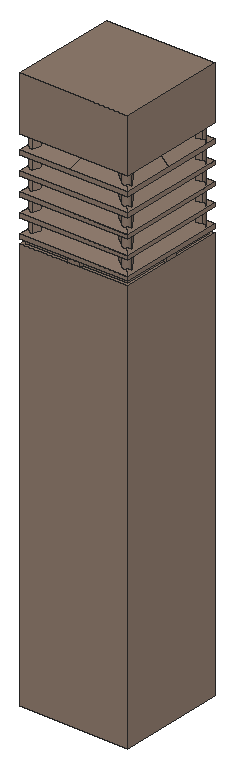
Revit family "BL6251", category Generic Models, Revit 2014
Parameters
  TOP CAP = Bronze, Architectural
  LOUVERS = Bronze, Architectural
  LENS = Acrylic
  DISK LOUVERS = Bronze, Architectural
  BODY = Bronze, Architectural
Reference planes (in)
  plane 1 "Center (Front/Back)": y = 0
  plane 2: z = 0
  plane 3 "Center (Left/Right)": x = 0
Forms (in)
  Extrusion 1, solid, material "Bronze, Architectural" <- "BODY"
    sketch origin (0, 0, 0) x (1, 0, 0) y (0, 0, 1)
      loop
        line (4.0044, 0) -> (4.0044, 30.68921) -> (-3.9956, 30.68921) -> (-3.9956, 0) -> (4.0044, 0)
    from -4 to 4
  Extrusion 2, solid, material "Bronze, Architectural" <- "TOP CAP"
    sketch origin (0, 0, 0) x (1, 0, 0) y (0, 0, 1)
      loop
        line (4, 42.00171) -> (-4, 42.00171) -> (-4, 38.00171) -> (4, 38.00171) -> (4, 42.00171)
    from -4 to 4
  SweptBlend 3, solid, material "Bronze, Architectural" <- "LOUVERS"
    path origin (0, 0, 0) x (1, 0, 0) y (0, 0, 1)
      loop
        line (0, 36.60171) -> (0, 36.91421)
    profile origin (0, 0, 36.60171) x (-1, 0, 0) y (0, -1, 0)
      loop
        line (4, -4) -> (4, 4) -> (-4, 4) -> (-4, -4) -> (4, -4)
    end profile origin (0, 0, 36.91421) x (-1, 0, 0) y (0, -1, 0)
      loop
        line (4, -4) -> (4, 4) -> (-4, 4) -> (-4, -4) -> (4, -4)
  SweptBlend 4, solid, material "Bronze, Architectural" <- "LOUVERS"
    path origin (0, 0, 0) x (1, 0, 0) y (0, 0, 1)
      loop
        line (0, 36.91421) -> (0, 37.91421)
    profile origin (0, 0, 36.91421) x (-1, 0, 0) y (0, -1, 0)
      loop
        line (4, -4) -> (4, 4) -> (-4, 4) -> (-4, -4) -> (4, -4)
    end profile origin (0, 0, 37.91421) x (-1, 0, 0) y (0, -1, 0)
      loop
        line (2.75, -2.75) -> (2.75, 2.75) -> (-2.75, 2.75) -> (-2.75, -2.75) -> (2.75, -2.75)
  SweptBlend 5, solid, material "Bronze, Architectural" <- "LOUVERS"
    path origin (0, 0, -1.4) x (1, 0, 0) y (0, 0, 1)
      loop
        line (0, 36.60171) -> (0, 36.91421)
    profile origin (0, 0, 35.20171) x (-1, 0, 0) y (0, -1, 0)
      loop
        line (4, -4) -> (4, 4) -> (-4, 4) -> (-4, -4) -> (4, -4)
    end profile origin (0, 0, 35.51421) x (-1, 0, 0) y (0, -1, 0)
      loop
        line (4, -4) -> (4, 4) -> (-4, 4) -> (-4, -4) -> (4, -4)
  SweptBlend 6, solid, material "Bronze, Architectural" <- "LOUVERS"
    path origin (0, 0, -1.4) x (1, 0, 0) y (0, 0, 1)
      loop
        line (0, 36.91421) -> (0, 37.91421)
    profile origin (0, 0, 35.51421) x (-1, 0, 0) y (0, -1, 0)
      loop
        line (4, -4) -> (4, 4) -> (-4, 4) -> (-4, -4) -> (4, -4)
    end profile origin (0, 0, 36.51421) x (-1, 0, 0) y (0, -1, 0)
      loop
        line (2.75, -2.75) -> (2.75, 2.75) -> (-2.75, 2.75) -> (-2.75, -2.75) -> (2.75, -2.75)
  SweptBlend 7, solid, material "Bronze, Architectural" <- "LOUVERS"
    path origin (0, 0, -2.8) x (1, 0, 0) y (0, 0, 1)
      loop
        line (0, 36.60171) -> (0, 36.91421)
    profile origin (0, 0, 33.80171) x (-1, 0, 0) y (0, -1, 0)
      loop
        line (4, -4) -> (4, 4) -> (-4, 4) -> (-4, -4) -> (4, -4)
    end profile origin (0, 0, 34.11421) x (-1, 0, 0) y (0, -1, 0)
      loop
        line (4, -4) -> (4, 4) -> (-4, 4) -> (-4, -4) -> (4, -4)
  SweptBlend 8, solid, material "Bronze, Architectural" <- "LOUVERS"
    path origin (0, 0, -2.8) x (1, 0, 0) y (0, 0, 1)
      loop
        line (0, 36.91421) -> (0, 37.91421)
    profile origin (0, 0, 34.11421) x (-1, 0, 0) y (0, -1, 0)
      loop
        line (4, -4) -> (4, 4) -> (-4, 4) -> (-4, -4) -> (4, -4)
    end profile origin (0, 0, 35.11421) x (-1, 0, 0) y (0, -1, 0)
      loop
        line (2.75, -2.75) -> (2.75, 2.75) -> (-2.75, 2.75) -> (-2.75, -2.75) -> (2.75, -2.75)
  SweptBlend 9, solid, material "Bronze, Architectural" <- "LOUVERS"
    path origin (0, 0, -4.2) x (1, 0, 0) y (0, 0, 1)
      loop
        line (0, 36.60171) -> (0, 36.91421)
    profile origin (0, 0, 32.40171) x (-1, 0, 0) y (0, -1, 0)
      loop
        line (4, -4) -> (4, 4) -> (-4, 4) -> (-4, -4) -> (4, -4)
    end profile origin (0, 0, 32.71421) x (-1, 0, 0) y (0, -1, 0)
      loop
        line (4, -4) -> (4, 4) -> (-4, 4) -> (-4, -4) -> (4, -4)
  SweptBlend 10, solid, material "Bronze, Architectural" <- "LOUVERS"
    path origin (0, 0, -4.2) x (1, 0, 0) y (0, 0, 1)
      loop
        line (0, 36.91421) -> (0, 37.91421)
    profile origin (0, 0, 32.71421) x (-1, 0, 0) y (0, -1, 0)
      loop
        line (4, -4) -> (4, 4) -> (-4, 4) -> (-4, -4) -> (4, -4)
    end profile origin (0, 0, 33.71421) x (-1, 0, 0) y (0, -1, 0)
      loop
        line (2.75, -2.75) -> (2.75, 2.75) -> (-2.75, 2.75) -> (-2.75, -2.75) -> (2.75, -2.75)
  SweptBlend 11, solid, material "Bronze, Architectural" <- "LOUVERS"
    path origin (0, 0, -5.6) x (1, 0, 0) y (0, 0, 1)
      loop
        line (0, 36.60171) -> (0, 36.91421)
    profile origin (0, 0, 31.00171) x (-1, 0, 0) y (0, -1, 0)
      loop
        line (4, -4) -> (4, 4) -> (-4, 4) -> (-4, -4) -> (4, -4)
    end profile origin (0, 0, 31.31421) x (-1, 0, 0) y (0, -1, 0)
      loop
        line (4, -4) -> (4, 4) -> (-4, 4) -> (-4, -4) -> (4, -4)
  SweptBlend 12, solid, material "Bronze, Architectural" <- "LOUVERS"
    path origin (0, 0, -5.6) x (1, 0, 0) y (0, 0, 1)
      loop
        line (0, 36.91421) -> (0, 37.91421)
    profile origin (0, 0, 31.31421) x (-1, 0, 0) y (0, -1, 0)
      loop
        line (4, -4) -> (4, 4) -> (-4, 4) -> (-4, -4) -> (4, -4)
    end profile origin (0, 0, 32.31421) x (-1, 0, 0) y (0, -1, 0)
      loop
        line (2.75, -2.75) -> (2.75, 2.75) -> (-2.75, 2.75) -> (-2.75, -2.75) -> (2.75, -2.75)
  Extrusion 13, solid, material "Bronze, Architectural" <- "BODY"
    sketch origin (0, 0, 0) x (1, 0, 0) y (0, 0, 1)
      loop
        line (3.7544, 30.68921) -> (3.7544, 31.00171) -> (-3.7456, 31.00171) -> (-3.7456, 30.68921) -> (3.7544, 30.68921)
    from -3.75 to 3.75
  Extrusion 14, solid, material "Bronze, Architectural" <- "BODY"
    sketch origin (-0.00442, 0, 0) x (1, 0, 0) y (0, 0, 1)
      loop
        line (0.44194, 30.68921) -> (0.44194, 31.00171) -> (-0.43311, 31.00171) -> (-0.43311, 30.68921) -> (0.44194, 30.68921)
    from -4 to -3.75
  Extrusion 15, solid, material "Bronze, Architectural" <- "BODY"
    sketch origin (0, 0.00442, 0) x (0, -1, 0) y (0, 0, 1)
      loop
        line (0.44194, 30.68921) -> (0.44194, 31.00171) -> (-0.43311, 31.00171) -> (-0.43311, 30.68921) -> (0.44194, 30.68921)
    from -4 to -3.7544
  Extrusion 16, solid, material "Bronze, Architectural" <- "BODY"
    sketch origin (0.00391, -0.00442, 0) x (0, 1, 0) y (0, 0, 1)
      loop
        line (0.44194, 30.68921) -> (0.44194, 31.00171) -> (-0.43311, 31.00171) -> (-0.43311, 30.68921) -> (0.44194, 30.68921)
    from -3.99951 to -3.74951
  Extrusion 17, solid, material "Bronze, Architectural" <- "BODY"
    sketch origin (0.00442, 0, 0) x (-1, 0, 0) y (0, 0, 1)
      loop
        line (0.44194, 30.68921) -> (0.44194, 31.00171) -> (-0.43311, 31.00171) -> (-0.43311, 30.68921) -> (0.44194, 30.68921)
    from -4 to -3.75
  Extrusion 18, solid, material "Bronze, Architectural" <- "DISK LOUVERS"
    sketch origin (53.85949, 4.44706, 33.44324) x (-0.707107, -0.707107, 0) y (0.707107, -0.707107, 0)
      loop
        line (46.1548, -34.63659) -> (45.74042, -34.53361)
        arc (45.74042, -34.53361) -> (45.76694, -34.93986) -> (45.74042, -35.34611) r 3.125
        line (45.74042, -35.34611) -> (46.1548, -35.24314)
        arc (46.1548, -35.24314) -> (46.39194, -34.93986) -> (46.1548, -34.63659) r 0.3125
    from -2.44152 to 4.55848
  SweptBlend 19, solid, material "Bronze, Architectural" <- "LOUVERS"
    path origin (0, 0, 0) x (0, -1, 0) y (0, 0, 1)
      loop
        line (0, 36.91421) -> (0, 37.91421)
    profile origin (0, 0, 36.91421) x (0, 1, 0) y (-1, 0, 0)
      loop
        line (4, -4) -> (4, 4) -> (-4, 4) -> (-4, -4) -> (4, -4)
    end profile origin (0, 0, 37.91421) x (0, 1, 0) y (-1, 0, 0)
      loop
        line (2.75, -2.75) -> (2.75, 2.75) -> (-2.75, 2.75) -> (-2.75, -2.75) -> (2.75, -2.75)
  Extrusion 20, solid, material "Bronze, Architectural" <- "DISK LOUVERS"
    sketch origin (4.44706, -53.85949, 33.44324) x (-0.707107, 0.707107, 0) y (-0.707107, -0.707107, 0)
      loop
        line (46.1548, -34.63659) -> (45.74042, -34.53361)
        arc (45.74042, -34.53361) -> (45.76694, -34.93986) -> (45.74042, -35.34611) r 3.125
        line (45.74042, -35.34611) -> (46.1548, -35.24314)
        arc (46.1548, -35.24314) -> (46.39194, -34.93986) -> (46.1548, -34.63659) r 0.3125
    from -2.44152 to 4.55848
  Extrusion 21, solid, material "Bronze, Architectural" <- "DISK LOUVERS"
    sketch origin (-53.85949, -4.44706, 33.44324) x (0.707107, 0.707107, 0) y (-0.707107, 0.707107, 0)
      loop
        line (46.1548, -34.63659) -> (45.74042, -34.53361)
        arc (45.74042, -34.53361) -> (45.76694, -34.93986) -> (45.74042, -35.34611) r 3.125
        line (45.74042, -35.34611) -> (46.1548, -35.24314)
        arc (46.1548, -35.24314) -> (46.39194, -34.93986) -> (46.1548, -34.63659) r 0.3125
    from -2.44152 to 4.55848
  Extrusion 22, solid, material "Bronze, Architectural" <- "DISK LOUVERS"
    sketch origin (-4.44706, 53.85949, 33.44324) x (0.707107, -0.707107, 0) y (0.707107, 0.707107, 0)
      loop
        line (46.1548, -34.63659) -> (45.74042, -34.53361)
        arc (45.74042, -34.53361) -> (45.76694, -34.93986) -> (45.74042, -35.34611) r 3.125
        line (45.74042, -35.34611) -> (46.1548, -35.24314)
        arc (46.1548, -35.24314) -> (46.39194, -34.93986) -> (46.1548, -34.63659) r 0.3125
    from -2.44152 to 4.55848
  Extrusion 23, solid, material "Acrylic" <- "LENS"
    sketch origin (18.55474, 0, -3.79987) x (1, 0, 0) y (0, 0, 1)
      loop
        line (-15.55474, 41.80158) -> (-21.55474, 41.80158) -> (-21.55474, 34.80158) -> (-15.55474, 34.80158) -> (-15.55474, 41.80158)
    from -2.99823 to 3.00008
Dimensions and locks (in)
  aligned and locked: plane 2 to level
